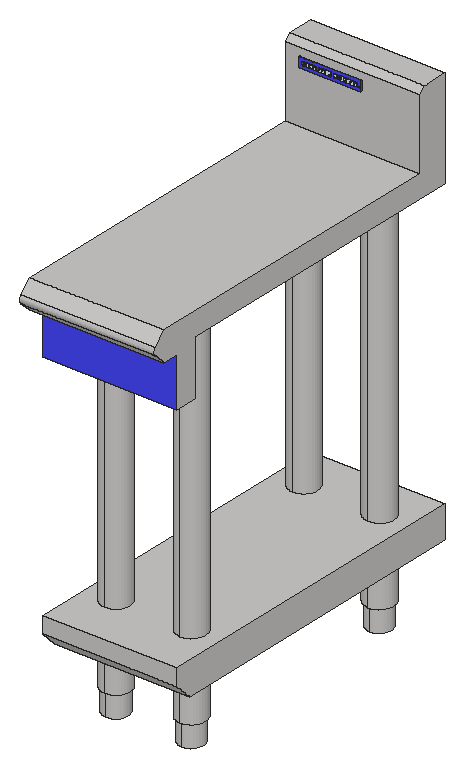
Revit family "QF_MOFFAT_BLUESEAL_CE_B30-LS", category Specialty Equipment, Revit 2012
Parameters
  Weight in Pounds = 88  # constant formula
  Width [instance] = 300.00 mm  # constant formula
  URL Cutsheet = "www.moffat.com"
  URL = "www.moffat.com"
  Type Mark [instance] = ""
  Status [instance] = ""
  Specification by User [instance] = ""
  Specification by Manufacturer = ""
  Show Logo [instance] = yes
  Show Casters [instance] = no
  Serial Number = ""
  Seismic Rating = ""
  SMACNA No = ""
  Revision Code [instance] = ""
  Omniclass Number and Title = ""
  NAFEM Spec ID Number = ""
  Model = "B30-LS"
  Masterspec = ""
  Manufacturer = "MOFFAT BLUESEAL"
  Legs [instance] = not(Show Casters)  # yes
  Item Number [instance] = ""
  Installed By [instance] = ""
  Identify Quantity as Lot [instance] = yes
  Height = 1085.00 mm  # constant formula
  Furnished By [instance] = ""
  Foodservice Equipment Identifier [instance] = yes
  Description = "300MM BENCH TOP ON LEG STAND"
  Depth [instance] = 812.00 mm  # constant formula
  CSI MasterFormat = ""
  CSI Master Format = ""
  Back Splash [instance] = 57.00 mm  # constant formula
Reference planes
  plane 1 "BACK": y = 0
  plane 2: z = 0
  plane 3 "LEFT": x = 0
  plane 4 "RIGHT": x = 300
  plane 5 "FRONT": y = -812
  plane 6 "TOP": z = 972
  plane 7 "Center Y": x = 150
  plane 8 "Center X": y = -406
  plane 9 "Base Height": z = 150
  plane 10: z = 915
  plane 11: x = 65
  plane 12: x = 384
  plane 13: y = -625
  plane 14: y = -100
  plane 15: z = 1085
Forms (mm)
  Extrusion 1, solid, material "QF_Finishes_Stainless Steel"
    sketch origin (0, 0, 0) x (0, 1, 0) y (0, 0, 1)
      loop
        line (0, 222.5) -> (-749, 222.5) -> (-749, 186) -> (-713, 150) -> (0, 150) -> (0, 222.5)
      loop
        line (-70, 915) -> (-783.97, 915) -> (-808.485, 890.485)
        arc (-808.485, 890.485) -> (-811.999, 882) -> (-808.485, 873.515) r 12
        line (-808.485, 873.515) -> (-784.97, 850) -> (-749, 850) -> (-749, 740) -> (-699, 740) -> (-699, 864.5) -> (0, 864.5) -> (0, 1085.5) -> (-57, 1085.5) -> (-70, 1072.5) -> (-70, 915)
    from 0 to 300
  Revolve 2, solid, material "QF_Finishes_Stainless Steel"
    sketch origin (65, -728, 0) x (0, 1, 0) y (0, 0, 1)
      loop
        line (71.25, 864.5) -> (71.25, 50) -> (75.5, 50) -> (75.5, 0) -> (103, 0) -> (103, 864.5) -> (71.25, 864.5)
      axis (103, 864.5) -> (103, 0)
    angle from 0 to 360
  Revolve 3, solid, material "QF_Finishes_Stainless Steel"
    sketch origin (234, -728, 0) x (0, 1, 0) y (0, 0, -1)
      loop
        line (71.25, -864.5) -> (103, -864.5) -> (103, 0) -> (75.5, 0) -> (75.5, -50) -> (71.25, -50) -> (71.25, -864.5)
      axis (103, -864.5) -> (103, 0)
    angle from 0 to 360
  Revolve 4, solid, material "QF_Finishes_Stainless Steel", visible <- "Show Casters"
    sketch origin (15.776, -99.755, -13.653) x (1, 0, 0) y (0, 0, 1)
      loop
        line (14.841, 63.604) -> (83.584, 63.604) -> (83.584, 67.109) -> (82.314, 68.379) -> (80.79, 68.379) -> (80.79, 71.826) -> (68.644, 71.826) -> (68.644, 81.79) -> (65.088, 83.843) -> (63.738, 92.179) -> (65.881, 92.179) -> (65.881, 98.529) -> (65.088, 98.529) -> (65.088, 104.879)
        arc (65.088, 104.879) -> (62.298, 111.614) -> (55.563, 114.404) r 9.525
        line (55.563, 114.404) -> (42.863, 114.404)
        arc (42.863, 114.404) -> (36.127, 111.614) -> (33.338, 104.879) r 9.525
        line (33.338, 104.879) -> (33.338, 98.529) -> (32.544, 98.529) -> (32.544, 92.179) -> (34.687, 92.179) -> (33.352, 83.932) -> (29.782, 81.871) -> (29.782, 71.826) -> (17.635, 71.826) -> (17.635, 68.379) -> (16.111, 68.379) -> (14.841, 67.109) -> (14.841, 63.604)
      axis (14.841, 63.604) -> (83.584, 63.604)
    angle from 0 to 360
  Extrusion 5, solid, material "QF_Finishes_Stainless Steel", visible <- "Show Casters"
    sketch origin (71.501, 133.353, -8.783) x (0, 1, 0) y (0, 0, 1)
      loop
        line (-201.603, 118.783) -> (-265.103, 118.783) -> (-252.746, 53.895)
        arc (-252.746, 53.895) -> (-233.353, 38.783) -> (-213.959, 53.895) r 20
        line (-213.959, 53.895) -> (-201.603, 118.783)
    from -35.667 to 22.923
  Revolve 6, solid, material "QF_Finishes_Stainless Steel", visible <- "Show Casters"
    sketch origin (65, -203, 0) x (0, 1, 0) y (0, 0, 1)
      loop
        line (67.25, 150) -> (67.25, 110) -> (103, 110) -> (103, 150) -> (67.25, 150)
      axis (103, 150) -> (103, 110)
    angle from 0 to 360
  Revolve 7, solid, material "QF_Finishes_Stainless Steel", visible <- "Show Casters"
    sketch origin (234, -203, 0) x (0, 1, 0) y (0, 0, -1)
      loop
        line (67.25, -150) -> (103, -150) -> (103, -110) -> (67.25, -110) -> (67.25, -150)
      axis (103, -150) -> (103, -110)
    angle from 0 to 360
  Revolve 8, solid, material "QF_Finishes_Stainless Steel", visible <- "Show Casters"
    sketch origin (184.776, -99.755, -13.653) x (1, 0, 0) y (0, 0, 1)
      loop
        line (14.841, 63.604) -> (83.584, 63.604) -> (83.584, 67.109) -> (82.314, 68.379) -> (80.79, 68.379) -> (80.79, 71.826) -> (68.644, 71.826) -> (68.644, 81.79) -> (65.088, 83.843) -> (63.738, 92.179) -> (65.881, 92.179) -> (65.881, 98.529) -> (65.088, 98.529) -> (65.088, 104.879)
        arc (65.088, 104.879) -> (62.298, 111.614) -> (55.563, 114.404) r 9.525
        line (55.563, 114.404) -> (42.863, 114.404)
        arc (42.863, 114.404) -> (36.127, 111.614) -> (33.338, 104.879) r 9.525
        line (33.338, 104.879) -> (33.338, 98.529) -> (32.544, 98.529) -> (32.544, 92.179) -> (34.687, 92.179) -> (33.352, 83.932) -> (29.782, 81.871) -> (29.782, 71.826) -> (17.635, 71.826) -> (17.635, 68.379) -> (16.111, 68.379) -> (14.841, 67.109) -> (14.841, 63.604)
      axis (83.584, 63.604) -> (14.841, 63.604)
    angle from 0 to 360
  Extrusion 9, solid, material "QF_Finishes_Stainless Steel", visible <- "Show Casters"
    sketch origin (240.501, 133.353, -8.783) x (0, 1, 0) y (0, 0, 1)
      loop
        line (-201.603, 118.783) -> (-265.103, 118.783) -> (-252.746, 53.895)
        arc (-252.746, 53.895) -> (-233.353, 38.783) -> (-213.959, 53.895) r 20
        line (-213.959, 53.895) -> (-201.603, 118.783)
    from -35.667 to 22.923
  Revolve 10, solid, material "QF_Finishes_Stainless Steel", visible <- "Legs"
    sketch origin (65, -165, 0) x (0, 1, 0) y (0, 0, 1)
      loop
        line (33.25, 150) -> (33.25, 50) -> (37.5, 50) -> (37.5, 0) -> (65, 0) -> (65, 150) -> (33.25, 150)
      axis (65, 150) -> (65, 0)
    angle from 0 to 360
  Revolve 11, solid, material "QF_Finishes_Stainless Steel", visible <- "Legs"
    sketch origin (234, -165, 0) x (0, 1, 0) y (0, 0, -1)
      loop
        line (33.25, -150) -> (65, -150) -> (65, 0) -> (37.5, 0) -> (37.5, -50) -> (33.25, -50) -> (33.25, -150)
      axis (65, -150) -> (65, 0)
    angle from 0 to 360
  Revolve 12, solid, material "QF_Finishes_Stainless Steel"
    sketch origin (65, -203, 150) x (0, 1, 0) y (0, 0, 1)
      loop
        line (71.25, 714.5) -> (71.25, 50) -> (75.5, 50) -> (75.5, 0) -> (103, 0) -> (103, 714.5) -> (71.25, 714.5)
      axis (103, 714.5) -> (103, 0)
    angle from 0 to 360
  Revolve 13, solid, material "QF_Finishes_Stainless Steel"
    sketch origin (234, -203, 150) x (0, 1, 0) y (0, 0, -1)
      loop
        line (71.25, -714.5) -> (103, -714.5) -> (103, 0) -> (75.5, 0) -> (75.5, -50) -> (71.25, -50) -> (71.25, -714.5)
      axis (103, -714.5) -> (103, 0)
    angle from 0 to 360
Cuts and joins
  joined: Extrusion 1, Revolve 2, Revolve 3, Revolve 12, Revolve 13
Lines and regions (mm)
  Split face 1
    outline origin (300, 0, 1085.5) x (-1, 0, 0) y (0, -1, 0)
      loop
        arc (242.206, 18.385) -> (250.866, 23.385) -> (250.866, 33.385) r 10
        line (250.866, 33.385) -> (246.824, 40.385)
        arc (246.824, 40.385) -> (243.164, 44.045) -> (238.164, 45.385) r 10
        line (238.164, 45.385) -> (60.206, 45.385)
        arc (60.206, 45.385) -> (51.545, 40.385) -> (51.545, 30.385) r 10
        line (51.545, 30.385) -> (55.587, 23.385)
        arc (55.587, 23.385) -> (59.247, 19.725) -> (64.247, 18.385) r 10
        line (64.247, 18.385) -> (242.206, 18.385)
  symbolic lines
    curve 1: line (0, 0, 0) -> (0, -812, 0)
    curve 2: line (300, 0, 0) -> (0, 0, 0)
    curve 3: line (300, -812, 0) -> (300, 0, 0)
    curve 4: line (0, -70, 0) -> (300, -70, 0)
    curve 5: line (0, -812, 0) -> (300, -812, 0)
    curve 14: line (61.836, -45.385, 0) -> (239.794, -45.385, 0)
    curve 15: arc (239.794, -45.385, 0) -> (248.455, -40.385, 0) -> (248.455, -30.385, 0) r 10
    curve 16: line (248.455, -30.385, 0) -> (244.413, -23.385, 0)
    curve 17: arc (244.413, -23.385, 0) -> (240.753, -19.725, 0) -> (235.753, -18.385, 0) r 10
    curve 18: line (235.753, -18.385, 0) -> (57.794, -18.385, 0)
    curve 19: arc (57.794, -18.385, 0) -> (49.134, -23.385, 0) -> (49.134, -33.385, 0) r 10
    curve 20: line (49.134, -33.385, 0) -> (53.176, -40.385, 0)
    curve 21: arc (53.176, -40.385, 0) -> (56.836, -44.045, 0) -> (61.836, -45.385, 0) r 10
  symbolic lines, style "SpecialityEquipmentHiddenLines", visible <- "Show Casters"
    curve 6: line (78.456, -47.735, 0) -> (105.952, -63.61, 0)
    curve 7: line (27.656, -135.723, 0) -> (78.456, -47.735, 0)
    curve 8: line (55.152, -151.598, 0) -> (27.656, -135.723, 0)
    curve 9: line (105.952, -63.61, 0) -> (55.152, -151.598, 0)
    curve 10: line (240.793, -47.151, 0) -> (268.289, -63.026, 0)
    curve 11: line (189.993, -135.139, 0) -> (240.793, -47.151, 0)
    curve 12: line (217.489, -151.014, 0) -> (189.993, -135.139, 0)
    curve 13: line (268.289, -63.026, 0) -> (217.489, -151.014, 0)
Dimensions and locks
  equal spacing: plane 3 "LEFT", plane 7 "Center Y", plane 4 "RIGHT"
  "Width": plane 3 "LEFT" to plane 4 "RIGHT"
  equal spacing: plane 5 "FRONT", plane 8 "Center X", plane 1 "BACK"
  "Depth": plane 5 "FRONT" to plane 1 "BACK"
  locked: plane 10 to level at 915
  locked: plane 9 "Base Height" to level at 150
  plane 6 "TOP" to plane 10 = 57.00 mm
  plane 13 to plane 14 = 525.00 mm
  plane 12 to plane 11 = 319.00 mm
  "Height": plane 15 to level
  Extrusion 1 sketch curve to level = 915.00 mm
  Revolve 4 sketch curve to Revolve 4 sketch curve = 50.80 mm
  Revolve 8 sketch curve to Revolve 8 sketch curve = 50.80 mm
  aligned and locked: level to plane 2
Automatic sketch dimensions
  curve 1 to plane 3 "LEFT" = 0.00 mm
  plane 1 "BACK" to curve 3 = 0.00 mm
  curve 3 to plane 4 "RIGHT" = 0.00 mm
  plane 5 "FRONT" to curve 3 = 0.00 mm
  plane 3 "LEFT" to curve 7 = 27.656 mm
  curve 9 to plane 11 = 9.848 mm
  plane 11 to curve 7 = 13.456 mm
  curve 19 to curve 6 = 29.322 mm
  curve 20 to curve 20 = 4.041 mm
  curve 19 to curve 19 = 8.66 mm
  curve 19 to curve 21 = 4.041 mm
  plane 1 "BACK" to curve 17 = 18.385 mm
  plane 12 to curve 17 = 148.247 mm
  curve 17 to curve 15 = 4.041 mm  (x2)
  plane 12 to curve 12 = 194.007 mm
  curve 17 to curve 17 = 8.66 mm
  plane 12 to curve 12 = 166.511 mm
  plane 12 to curve 11 = 143.207 mm
  curve 9 to plane 14 = 51.598 mm
  curve 13 to plane 14 = 51.014 mm
  curve 8 to curve 8 = 15.875 mm
  curve 12 to curve 12 = 15.875 mm
  plane 14 to curve 4 = 30.00 mm
  curve 6 to curve 21 = 18.225 mm
  curve 14 to curve 20 = 5.00 mm
  curve 14 to curve 15 = 10.00 mm
  curve 21 to curve 20 = 7.00 mm
  curve 15 to curve 17 = 7.00 mm
  Extrusion 1 sketch curve to plane 9 "Base Height" = 0.00 mm
  Extrusion 1 sketch curve to plane 1 "BACK" = 0.00 mm  (x2)
  plane 15 to Extrusion 1 sketch curve = 0.50 mm
  plane 14 to Extrusion 1 sketch curve = 43.00 mm
  Extrusion 1 sketch curve to plane 15 = 12.50 mm
  Extrusion 1 sketch curve to Extrusion 1 sketch curve = 13.00 mm
  Extrusion 1 sketch curve to plane 13 = 74.00 mm
  Extrusion 1 sketch curve to plane 13 = 88.00 mm
  Extrusion 1 sketch curve to Extrusion 1 sketch curve = 50.00 mm
  Extrusion 1 sketch curve to Extrusion 1 sketch curve = 36.00 mm
  Extrusion 1 sketch curve to plane 5 "FRONT" = 28.03 mm
  Extrusion 1 sketch curve to plane 5 "FRONT" = 27.03 mm
  Extrusion 1 sketch curve to plane 5 "FRONT" = 12.001 mm
  Extrusion 1 sketch curve to plane 5 "FRONT" = 3.515 mm  (x2)
  plane 9 "Base Height" to Extrusion 1 sketch curve = 36.00 mm
  Extrusion 1 sketch curve to Extrusion 1 sketch curve = 36.50 mm
  Extrusion 1 sketch curve to plane 10 = 175.00 mm
  Extrusion 1 sketch curve to plane 10 = 65.00 mm
  Extrusion 1 sketch curve to plane 10 = 50.50 mm
  Extrusion 1 sketch curve to Extrusion 1 sketch curve = 23.515 mm
  Extrusion 1 sketch curve to Extrusion 1 sketch curve = 8.485 mm
  Revolve 2 sketch curve to level = 0.00 mm
  Revolve 2 sketch curve to plane 13 = 0.00 mm  (x2)
  Revolve 2 sketch curve to plane 13 = 27.50 mm
  Revolve 2 sketch curve to Revolve 2 sketch curve = 31.75 mm
  Revolve 2 sketch curve to Revolve 2 sketch curve = 55.00 mm
  level to Revolve 2 sketch curve = 50.00 mm
  Revolve 2 sketch curve to Revolve 2 sketch curve = 0.00 mm
  Revolve 2 sketch curve to plane 10 = 50.50 mm
  Revolve 3 sketch curve to level = 0.00 mm
  Revolve 3 sketch curve to plane 13 = 0.00 mm  (x2)
  Revolve 3 sketch curve to plane 13 = 27.50 mm
  Revolve 3 sketch curve to plane 13 = 31.75 mm
  level to Revolve 3 sketch curve = 50.00 mm
  Revolve 3 sketch curve to Revolve 3 sketch curve = 0.00 mm
  Revolve 3 sketch curve to plane 10 = 50.50 mm
  Revolve 3 sketch curve to Revolve 3 sketch curve = 55.00 mm
  plane 3 "LEFT" to Revolve 4 sketch curve = 30.618 mm
  Revolve 4 sketch curve to Revolve 4 sketch curve = 1.27 mm  (x4)
  Revolve 4 sketch curve to Revolve 4 sketch curve = 1.524 mm  (x2)
  Revolve 4 sketch curve to Revolve 4 sketch curve = 12.146 mm  (x2)
  Revolve 4 sketch curve to plane 11 = 16.68 mm
  Revolve 4 sketch curve to Revolve 4 sketch curve = 0.794 mm  (x2)
  Revolve 4 sketch curve to Revolve 4 sketch curve = 3.57 mm
  Revolve 4 sketch curve to Revolve 4 sketch curve = 2.143 mm
  Revolve 4 sketch curve to plane 11 = 6.361 mm
  plane 11 to Revolve 4 sketch curve = 5.13 mm
  plane 11 to Revolve 4 sketch curve = 6.339 mm
  plane 11 to Revolve 4 sketch curve = 14.515 mm
  Revolve 4 sketch curve to Revolve 4 sketch curve = 1.349 mm  (x2)
  Revolve 4 sketch curve to Revolve 4 sketch curve = 3.556 mm
  Revolve 4 sketch curve to Revolve 4 sketch curve = 33.32 mm
  level to Revolve 4 sketch curve = 49.952 mm
  Revolve 4 sketch curve to Revolve 4 sketch curve = 0.00 mm
  Revolve 4 sketch curve to Revolve 4 sketch curve = 3.505 mm  (x2)
  Revolve 4 sketch curve to Revolve 4 sketch curve = 3.447 mm  (x2)
  Revolve 4 sketch curve to Revolve 4 sketch curve = 9.964 mm
  Revolve 4 sketch curve to Revolve 4 sketch curve = 10.045 mm
  Revolve 4 sketch curve to Revolve 4 sketch curve = 2.053 mm
  Revolve 4 sketch curve to Revolve 4 sketch curve = 2.061 mm
  Revolve 4 sketch curve to Revolve 4 sketch curve = 8.247 mm
  Revolve 4 sketch curve to Revolve 4 sketch curve = 8.336 mm
  Revolve 4 sketch curve to Revolve 4 sketch curve = 6.35 mm  (x2)
  Extrusion 5 sketch curve to plane 14 = 0.00 mm
  Extrusion 5 sketch curve to plane 14 = 19.393 mm
  Extrusion 5 sketch curve to plane 14 = 31.75 mm
  plane 14 to Extrusion 5 sketch curve = 19.393 mm
  plane 14 to Extrusion 5 sketch curve = 31.75 mm
  level to Extrusion 5 sketch curve = 45.111 mm
  Extrusion 5 sketch curve to Extrusion 5 sketch curve = 4.889 mm
  Extrusion 5 sketch curve to plane 9 "Base Height" = 40.00 mm
  Revolve 6 sketch curve to plane 9 "Base Height" = 0.00 mm
  Revolve 6 sketch curve to plane 14 = 0.00 mm  (x2)
  Revolve 6 sketch curve to plane 14 = 35.75 mm
  Revolve 6 sketch curve to Revolve 6 sketch curve = 40.00 mm
  level to Revolve 6 sketch curve = 50.00 mm
  Revolve 6 sketch curve to level = 55.00 mm
  Revolve 7 sketch curve to plane 9 "Base Height" = 0.00 mm
  Revolve 7 sketch curve to plane 14 = 0.00 mm  (x2)
  Revolve 7 sketch curve to plane 14 = 35.75 mm
  Revolve 7 sketch curve to plane 9 "Base Height" = 40.00 mm
  level to Revolve 7 sketch curve = 50.00 mm
  Revolve 7 sketch curve to level = 55.00 mm
  plane 12 to Revolve 8 sketch curve = 184.382 mm
  Revolve 8 sketch curve to Revolve 8 sketch curve = 1.27 mm  (x4)
  Revolve 8 sketch curve to Revolve 8 sketch curve = 1.524 mm  (x2)
  Revolve 8 sketch curve to Revolve 8 sketch curve = 12.146 mm  (x2)
  plane 12 to Revolve 8 sketch curve = 166.68 mm
  Revolve 8 sketch curve to Revolve 8 sketch curve = 0.794 mm  (x2)
  Revolve 8 sketch curve to Revolve 8 sketch curve = 3.57 mm
  Revolve 8 sketch curve to Revolve 8 sketch curve = 2.143 mm
  plane 12 to Revolve 8 sketch curve = 156.361 mm
  plane 12 to Revolve 8 sketch curve = 144.87 mm
  plane 12 to Revolve 8 sketch curve = 143.661 mm
  plane 12 to Revolve 8 sketch curve = 135.485 mm
  Revolve 8 sketch curve to Revolve 8 sketch curve = 1.349 mm  (x2)
  Revolve 8 sketch curve to Revolve 8 sketch curve = 3.556 mm
  plane 4 "RIGHT" to Revolve 8 sketch curve = 148.32 mm
  level to Revolve 8 sketch curve = 49.952 mm
  Revolve 8 sketch curve to Revolve 8 sketch curve = 0.00 mm
  Revolve 8 sketch curve to Revolve 8 sketch curve = 3.505 mm  (x2)
  Revolve 8 sketch curve to Revolve 8 sketch curve = 3.447 mm  (x2)
  Revolve 8 sketch curve to Revolve 8 sketch curve = 9.964 mm
  Revolve 8 sketch curve to Revolve 8 sketch curve = 10.045 mm
  Revolve 8 sketch curve to Revolve 8 sketch curve = 2.053 mm
  Revolve 8 sketch curve to Revolve 8 sketch curve = 2.061 mm
  Revolve 8 sketch curve to Revolve 8 sketch curve = 8.247 mm
  Revolve 8 sketch curve to Revolve 8 sketch curve = 8.336 mm
  Revolve 8 sketch curve to Revolve 8 sketch curve = 6.35 mm  (x2)
  Extrusion 9 sketch curve to plane 14 = 0.00 mm
  Extrusion 9 sketch curve to plane 14 = 19.393 mm
  Extrusion 9 sketch curve to plane 14 = 31.75 mm
  plane 14 to Extrusion 9 sketch curve = 19.393 mm
  plane 14 to Extrusion 9 sketch curve = 31.75 mm
  level to Extrusion 9 sketch curve = 45.111 mm
  Extrusion 9 sketch curve to Extrusion 9 sketch curve = 4.889 mm
  Extrusion 9 sketch curve to plane 9 "Base Height" = 40.00 mm
  Revolve 10 sketch curve to plane 9 "Base Height" = 0.00 mm
  Revolve 10 sketch curve to level = 0.00 mm
  Revolve 10 sketch curve to plane 14 = 0.00 mm  (x2)
  Revolve 10 sketch curve to Revolve 10 sketch curve = 27.50 mm
  Revolve 10 sketch curve to Revolve 10 sketch curve = 31.75 mm
  Revolve 10 sketch curve to level = 55.00 mm
  Revolve 10 sketch curve to Revolve 10 sketch curve = 50.00 mm
  Revolve 10 sketch curve to Revolve 10 sketch curve = 0.00 mm
  Revolve 11 sketch curve to plane 9 "Base Height" = 0.00 mm
  Revolve 11 sketch curve to level = 0.00 mm
  Revolve 11 sketch curve to plane 14 = 0.00 mm  (x2)
  Revolve 11 sketch curve to Revolve 11 sketch curve = 27.50 mm
  Revolve 11 sketch curve to Revolve 11 sketch curve = 31.75 mm
  level to Revolve 11 sketch curve = 50.00 mm
  Revolve 11 sketch curve to Revolve 11 sketch curve = 0.00 mm
  Revolve 11 sketch curve to Revolve 11 sketch curve = 55.00 mm
  level to Revolve 12 sketch curve = 150.00 mm
  Revolve 12 sketch curve to plane 14 = 0.00 mm  (x2)
  Revolve 12 sketch curve to plane 14 = 27.50 mm
  Revolve 12 sketch curve to Revolve 12 sketch curve = 31.75 mm
  Revolve 12 sketch curve to Revolve 12 sketch curve = 55.00 mm
  level to Revolve 12 sketch curve = 200.00 mm
  Revolve 12 sketch curve to Revolve 12 sketch curve = 0.00 mm
  Revolve 12 sketch curve to plane 10 = 50.50 mm
  level to Revolve 13 sketch curve = 150.00 mm
  Revolve 13 sketch curve to plane 14 = 0.00 mm  (x2)
  Revolve 13 sketch curve to plane 14 = 27.50 mm
  Revolve 13 sketch curve to plane 14 = 31.75 mm
  level to Revolve 13 sketch curve = 200.00 mm
  Revolve 13 sketch curve to Revolve 13 sketch curve = 0.00 mm
  Revolve 13 sketch curve to plane 10 = 50.50 mm
  Revolve 13 sketch curve to Revolve 13 sketch curve = 55.00 mm
  Split face 1 sketch curve to cut or joined group of Extrusion 1, Revolve 2, Revolve 3, Revolve 12, Revolve 13 = 26.615 mm
  Split face 1 sketch curve to cut or joined group of Extrusion 1, Revolve 2, Revolve 3, Revolve 12, Revolve 13 = 51.545 mm
  Split face 1 sketch curve to Split face 1 sketch curve = 4.041 mm  (x4)
  Split face 1 sketch curve to Split face 1 sketch curve = 8.66 mm  (x2)
  Split face 1 sketch curve to cut or joined group of Extrusion 1, Revolve 2, Revolve 3, Revolve 12, Revolve 13 = 11.615 mm
  Split face 1 sketch curve to cut or joined group of Extrusion 1, Revolve 2, Revolve 3, Revolve 12, Revolve 13 = 61.836 mm
  Split face 1 sketch curve to Split face 1 sketch curve = 7.00 mm  (x3)
  Split face 1 sketch curve to Split face 1 sketch curve = 17.00 mm
Nested families
  nested 1: "WALDORF LOGO_FACE BASE" at (32.128, -70, 1056.422) x (1, 0, 0) z (0, -1, 0), visible <- "Show Logo", type "WALDORF LOGO_FACE BASE", detail levels medium+fine
    with Show Logo yes
Definition of nested family "WALDORF LOGO_FACE BASE"
  Parameters (values of type "WALDORF LOGO_FACE BASE")
    Show Logo [instance] = yes
    Default Elevation = 1219.20 mm
  Reference planes
    plane 1 "Center (Front/Back)": y = 0
    plane 2: z = 0
    plane 3 "Center (Left/Right)": x = 0
  Forms (mm)
    Extrusion 1, solid
      sketch origin (0, 0, 0) x (1, 0, 0) y (0, 1, 0)
        loop
          line (-1219.2, 1219.2) -> (-1219.2, -1219.2) -> (1219.2, -1219.2) -> (1219.2, 1219.2) -> (-1219.2, 1219.2)
      from 0 to -304.8
    Extrusion 2, solid, material "QF_Finishes_Blue", visible <- "Show Logo"
      sketch origin (0, -33.217, 0) x (1, 0, 0) y (0, 1, 0)
        loop
          arc (138, 31.942) -> (137.626, 32.844) -> (136.724, 33.217) r 1.276
          line (136.724, 33.217) -> (1.29, 33.217)
          arc (1.29, 33.217) -> (0.378, 32.839) -> (0, 31.927) r 1.29
          line (0, 31.927) -> (0, 11.507)
          arc (0, 11.507) -> (0.378, 10.595) -> (1.29, 10.217) r 1.29
          line (1.29, 10.217) -> (136.71, 10.217)
          arc (136.71, 10.217) -> (137.622, 10.595) -> (138, 11.507) r 1.29
          line (138, 11.507) -> (138, 31.942)
      from 0 to 1.588
    Extrusion 3, solid, material "QF_Finishes_White", visible <- "Show Logo"
      sketch origin (0, -33.217, 1.588) x (1, 0, 0) y (0, 1, 0)
        loop
          arc (108.946, 25.919) -> (107.613, 25.367) -> (107.061, 24.034) r 1.885
          line (107.061, 24.034) -> (107.061, 17.211) -> (112.704, 17.211) -> (112.704, 19.129) -> (115.546, 19.129) -> (115.546, 17.211) -> (121.584, 17.211) -> (121.584, 24.075)
          arc (121.584, 24.075) -> (121.043, 25.379) -> (119.739, 25.919) r 1.845
          line (119.739, 25.919) -> (108.946, 25.919)
        loop
          line (123.478, 25.919) -> (123.478, 17.163) -> (134.904, 17.163) -> (134.904, 19.129) -> (129.246, 19.129) -> (129.246, 25.919) -> (123.478, 25.919)
        loop
          line (112.704, 21.258) -> (115.546, 21.258) -> (115.546, 22.702)
          arc (115.546, 22.702) -> (115.344, 23.188) -> (114.858, 23.389) r 0.687
          line (114.858, 23.389) -> (113.363, 23.389)
          arc (113.363, 23.389) -> (112.897, 23.196) -> (112.704, 22.73) r 0.658
          line (112.704, 22.73) -> (112.704, 21.258)
        loop
          line (105.071, 25.919) -> (93.771, 25.919) -> (93.771, 17.163) -> (105.071, 17.163) -> (105.071, 19.063) -> (99.535, 19.063) -> (99.535, 20.437) -> (105.071, 20.437) -> (105.071, 22.278) -> (99.535, 22.278) -> (99.535, 23.587) -> (105.071, 23.587) -> (105.071, 25.919)
        loop
          line (91.104, 25.919) -> (79.541, 25.919)
          arc (79.541, 25.919) -> (78.558, 25.513) -> (78.152, 24.53) r 1.389
          line (78.152, 24.53) -> (78.152, 22.08)
          arc (78.152, 22.08) -> (78.558, 21.098) -> (79.541, 20.691) r 1.389
          line (79.541, 20.691) -> (86.346, 20.691) -> (86.346, 18.864) -> (83.266, 18.864) -> (83.266, 19.664) -> (78.152, 19.664) -> (78.152, 18.553)
          arc (78.152, 18.553) -> (78.558, 17.57) -> (79.541, 17.163) r 1.389
          line (79.541, 17.163) -> (91.063, 17.163)
          arc (91.063, 17.163) -> (92.045, 17.57) -> (92.452, 18.553) r 1.389
          line (92.452, 18.553) -> (92.452, 20.691)
          arc (92.452, 20.691) -> (92.045, 21.673) -> (91.063, 22.08) r 1.389
          line (91.063, 22.08) -> (83.266, 22.08) -> (83.266, 23.984) -> (86.346, 23.984) -> (86.346, 22.743) -> (92.452, 22.743) -> (92.452, 24.571)
          arc (92.452, 24.571) -> (92.057, 25.524) -> (91.104, 25.919) r 1.348
        loop
          line (70.705, 25.919) -> (59.405, 25.919) -> (59.405, 17.163) -> (70.705, 17.163) -> (70.705, 19.063) -> (65.169, 19.063) -> (65.169, 20.437) -> (70.705, 20.437) -> (70.705, 22.278) -> (65.169, 22.278) -> (65.169, 23.587) -> (70.705, 23.587) -> (70.705, 25.919)
        loop
          line (57.598, 25.919) -> (51.7, 25.919) -> (51.7, 20.18)
          arc (51.7, 20.18) -> (50.63, 19.11) -> (49.56, 20.18) r 1.07
          line (49.56, 20.18) -> (49.56, 25.919) -> (43.663, 25.919) -> (43.663, 19.049)
          arc (43.663, 19.049) -> (44.215, 17.716) -> (45.548, 17.163) r 1.885
          line (45.548, 17.163) -> (55.71, 17.163)
          arc (55.71, 17.163) -> (57.045, 17.716) -> (57.598, 19.051) r 1.887
          line (57.598, 19.051) -> (57.598, 25.919)
        loop
          line (31.62, 25.919) -> (31.62, 17.163) -> (43.046, 17.163) -> (43.046, 19.129) -> (37.388, 19.129) -> (37.388, 25.919) -> (31.62, 25.919)
        loop
          line (15.969, 25.919) -> (15.969, 17.163) -> (28.693, 17.163)
          arc (28.693, 17.163) -> (29.812, 17.627) -> (30.276, 18.746) r 1.582
          line (30.276, 18.746) -> (30.276, 20.447) -> (29.48, 21.243) -> (30.276, 22.039) -> (30.276, 24.332)
          arc (30.276, 24.332) -> (29.811, 25.454) -> (28.688, 25.919) r 1.587
          line (28.688, 25.919) -> (15.969, 25.919)
        loop
          line (21.449, 24.159) -> (21.449, 22.436) -> (23.862, 22.436)
          arc (23.862, 22.436) -> (24.723, 23.298) -> (23.862, 24.159) r 0.861
          line (23.862, 24.159) -> (21.449, 24.159)
        loop
          line (21.449, 20.244) -> (21.449, 18.522) -> (23.862, 18.522)
          arc (23.862, 18.522) -> (24.723, 19.383) -> (23.862, 20.244) r 0.861
          line (23.862, 20.244) -> (21.449, 20.244)
      from 0 to 0.2
    Extrusion 4, solid, material "QF_Finishes_Blue", visible <- "Show Logo"
      sketch origin (-126.498, -31.09, 1.588) x (1, 0, 0) y (0, 1, 0)
        loop
          line (136.738, 23.522) -> (136.738, 15.1)
          arc (136.738, 15.1) -> (140.756, 19.311) -> (136.738, 23.522) r 4.216
      from 0 to 0.2
    Extrusion 5, solid, material "QF_Finishes_Red", visible <- "Show Logo"
      sketch origin (146.849, -31.09, 1.588) x (-1, 0, 0) y (0, -1, 0)
        loop
          arc (136.738, -23.522) -> (140.756, -19.311) -> (136.738, -15.1) r 4.216
          line (136.738, -15.1) -> (136.738, -23.522)
      from 0 to 0.2
  Lines and regions (mm)
    Split face 1
      outline origin (-90.35, -30.793, 1.588) x (1, 0, 0) y (0, 1, 0)
        loop
          circle (100.54, 19.013) r 4.536
  Dimensions and locks
    aligned and locked: plane 2 to Extrusion 1
    aligned and locked: level to Extrusion 1
